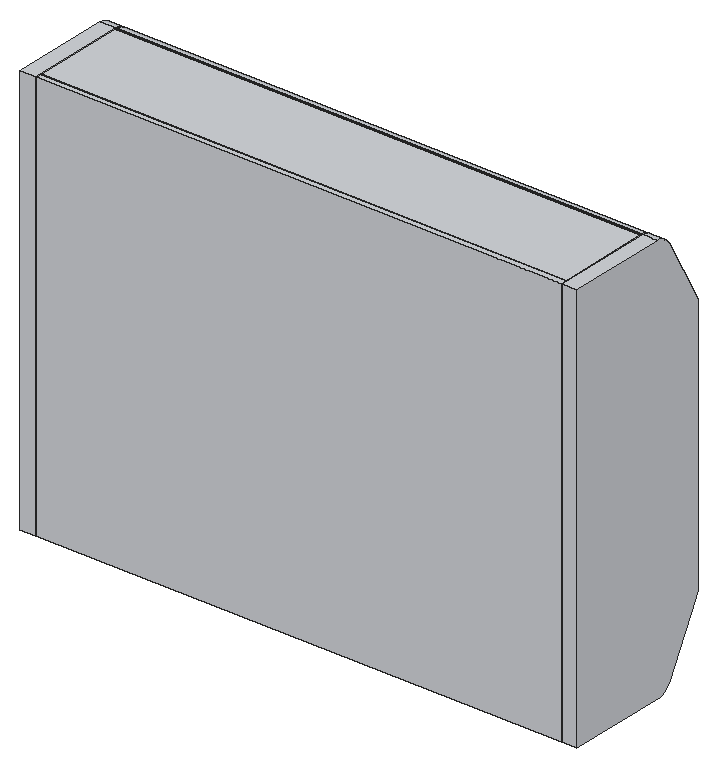
Revit family "Caspian UV 90 Mk1", category Mechanical Equipment, host Wall, Revit 2015 (continued)
Forms (mm)
  Extrusion 228, solid
    sketch origin (151.231, 0.436, 0) x (0, 1, 0) y (0, 0, -1)
      loop
        line (310.877, -552.946) -> (308.696, -551.726) -> (261.439, -636.214) -> (263.621, -637.435) -> (310.877, -552.946)
    from 247.5 to 250
  Extrusion 229, solid
    sketch origin (156.231, 0.436, 0) x (0, 1, 0) y (0, 0, -1)
      loop
        line (310.877, -552.946) -> (308.696, -551.726) -> (261.439, -636.214) -> (263.621, -637.435) -> (310.877, -552.946)
    from 247.5 to 250
  Extrusion 230, solid
    sketch origin (161.231, 0.436, 0) x (0, 1, 0) y (0, 0, -1)
      loop
        line (310.877, -552.946) -> (308.696, -551.726) -> (261.439, -636.214) -> (263.621, -637.435) -> (310.877, -552.946)
    from 247.5 to 250
  Extrusion 231, solid
    sketch origin (166.231, 0.436, 0) x (0, 1, 0) y (0, 0, -1)
      loop
        line (310.877, -552.946) -> (308.696, -551.726) -> (261.439, -636.214) -> (263.621, -637.435) -> (310.877, -552.946)
    from 247.5 to 250
  Extrusion 232, solid
    sketch origin (171.231, 0.436, 0) x (0, 1, 0) y (0, 0, -1)
      loop
        line (310.877, -552.946) -> (308.696, -551.726) -> (261.439, -636.214) -> (263.621, -637.435) -> (310.877, -552.946)
    from 247.5 to 250
  Extrusion 233, solid
    sketch origin (176.231, 0.436, 0) x (0, 1, 0) y (0, 0, -1)
      loop
        line (310.877, -552.946) -> (308.696, -551.726) -> (261.439, -636.214) -> (263.621, -637.435) -> (310.877, -552.946)
    from 247.5 to 250
  Extrusion 234, solid
    sketch origin (181.231, 0.436, 0) x (0, 1, 0) y (0, 0, -1)
      loop
        line (310.877, -552.946) -> (308.696, -551.726) -> (261.439, -636.214) -> (263.621, -637.435) -> (310.877, -552.946)
    from 247.5 to 250
  Extrusion 235, solid
    sketch origin (186.231, 0.436, 0) x (0, 1, 0) y (0, 0, -1)
      loop
        line (310.877, -552.946) -> (308.696, -551.726) -> (261.439, -636.214) -> (263.621, -637.435) -> (310.877, -552.946)
    from 247.5 to 250
  Extrusion 236, solid
    sketch origin (191.231, 0.436, 0) x (0, 1, 0) y (0, 0, -1)
      loop
        line (310.877, -552.946) -> (308.696, -551.726) -> (261.439, -636.214) -> (263.621, -637.435) -> (310.877, -552.946)
    from 247.5 to 250
  Extrusion 237, solid
    sketch origin (196.231, 0.436, 0) x (0, 1, 0) y (0, 0, -1)
      loop
        line (310.877, -552.946) -> (308.696, -551.726) -> (261.439, -636.214) -> (263.621, -637.435) -> (310.877, -552.946)
    from 247.5 to 250
  Extrusion 238, solid
    sketch origin (201.231, 0.436, 0) x (0, 1, 0) y (0, 0, -1)
      loop
        line (310.877, -552.946) -> (308.696, -551.726) -> (261.439, -636.214) -> (263.621, -637.435) -> (310.877, -552.946)
    from 247.5 to 250
  Extrusion 239, solid
    sketch origin (206.231, 0.436, 0) x (0, 1, 0) y (0, 0, -1)
      loop
        line (310.877, -552.946) -> (308.696, -551.726) -> (261.439, -636.214) -> (263.621, -637.435) -> (310.877, -552.946)
    from 247.5 to 250
  Extrusion 240, solid
    sketch origin (211.231, 0.436, 0) x (0, 1, 0) y (0, 0, -1)
      loop
        line (310.877, -552.946) -> (308.696, -551.726) -> (261.439, -636.214) -> (263.621, -637.435) -> (310.877, -552.946)
    from 247.5 to 250
  Extrusion 241, solid
    sketch origin (216.231, 0.436, 0) x (0, 1, 0) y (0, 0, -1)
      loop
        line (310.877, -552.946) -> (308.696, -551.726) -> (261.439, -636.214) -> (263.621, -637.435) -> (310.877, -552.946)
    from 247.5 to 250
  Extrusion 242, solid
    sketch origin (221.231, 0.436, 0) x (0, 1, 0) y (0, 0, -1)
      loop
        line (310.877, -552.946) -> (308.696, -551.726) -> (261.439, -636.214) -> (263.621, -637.435) -> (310.877, -552.946)
    from 247.5 to 250
  Extrusion 243, solid
    sketch origin (226.231, 0.436, 0) x (0, 1, 0) y (0, 0, -1)
      loop
        line (310.877, -552.946) -> (308.696, -551.726) -> (261.439, -636.214) -> (263.621, -637.435) -> (310.877, -552.946)
    from 247.5 to 250
  Extrusion 244, solid
    sketch origin (231.231, 0.436, 0) x (0, 1, 0) y (0, 0, -1)
      loop
        line (310.877, -552.946) -> (308.696, -551.726) -> (261.439, -636.214) -> (263.621, -637.435) -> (310.877, -552.946)
    from 247.5 to 250
  Extrusion 245, solid
    sketch origin (236.231, 0.436, 0) x (0, 1, 0) y (0, 0, -1)
      loop
        line (310.877, -552.946) -> (308.696, -551.726) -> (261.439, -636.214) -> (263.621, -637.435) -> (310.877, -552.946)
    from 247.5 to 250
  Extrusion 246, solid
    sketch origin (241.231, 0.436, 0) x (0, 1, 0) y (0, 0, -1)
      loop
        line (310.877, -552.946) -> (308.696, -551.726) -> (261.439, -636.214) -> (263.621, -637.435) -> (310.877, -552.946)
    from 247.5 to 250
  Extrusion 247, solid
    sketch origin (246.231, 0.436, 0) x (0, 1, 0) y (0, 0, -1)
      loop
        line (310.877, -552.946) -> (308.696, -551.726) -> (261.439, -636.214) -> (263.621, -637.435) -> (310.877, -552.946)
    from 247.5 to 250
  Extrusion 248, solid
    sketch origin (-143.75, 0, 660) x (0, 1, 0) y (0, 0, -1)
      loop
        line (310.877, 552.946) -> (263.621, 637.435) -> (261.439, 636.214) -> (308.696, 551.726) -> (310.877, 552.946)
    from 247.5 to 250
  Extrusion 249, solid
    sketch origin (-138.75, 0, 660) x (0, 1, 0) y (0, 0, -1)
      loop
        line (310.877, 552.946) -> (263.621, 637.435) -> (261.439, 636.214) -> (308.696, 551.726) -> (310.877, 552.946)
    from 247.5 to 250
  Extrusion 250, solid
    sketch origin (-133.75, 0, 660) x (0, 1, 0) y (0, 0, -1)
      loop
        line (310.877, 552.946) -> (263.621, 637.435) -> (261.439, 636.214) -> (308.696, 551.726) -> (310.877, 552.946)
    from 247.5 to 250
  Extrusion 251, solid
    sketch origin (-128.75, 0, 660) x (0, 1, 0) y (0, 0, -1)
      loop
        line (310.877, 552.946) -> (263.621, 637.435) -> (261.439, 636.214) -> (308.696, 551.726) -> (310.877, 552.946)
    from 247.5 to 250
  Extrusion 252, solid
    sketch origin (-123.75, 0, 660) x (0, 1, 0) y (0, 0, -1)
      loop
        line (310.877, 552.946) -> (263.621, 637.435) -> (261.439, 636.214) -> (308.696, 551.726) -> (310.877, 552.946)
    from 247.5 to 250
  Extrusion 253, solid
    sketch origin (-118.75, 0, 660) x (0, 1, 0) y (0, 0, -1)
      loop
        line (310.877, 552.946) -> (263.621, 637.435) -> (261.439, 636.214) -> (308.696, 551.726) -> (310.877, 552.946)
    from 247.5 to 250
  Extrusion 254, solid
    sketch origin (-113.75, 0, 660) x (0, 1, 0) y (0, 0, -1)
      loop
        line (310.877, 552.946) -> (263.621, 637.435) -> (261.439, 636.214) -> (308.696, 551.726) -> (310.877, 552.946)
    from 247.5 to 250
  Extrusion 255, solid
    sketch origin (-108.75, 0, 660) x (0, 1, 0) y (0, 0, -1)
      loop
        line (310.877, 552.946) -> (263.621, 637.435) -> (261.439, 636.214) -> (308.696, 551.726) -> (310.877, 552.946)
    from 247.5 to 250
  Extrusion 256, solid
    sketch origin (-103.75, 0, 660) x (0, 1, 0) y (0, 0, -1)
      loop
        line (310.877, 552.946) -> (263.621, 637.435) -> (261.439, 636.214) -> (308.696, 551.726) -> (310.877, 552.946)
    from 247.5 to 250
  Extrusion 257, solid
    sketch origin (-98.75, 0, 660) x (0, 1, 0) y (0, 0, -1)
      loop
        line (310.877, 552.946) -> (263.621, 637.435) -> (261.439, 636.214) -> (308.696, 551.726) -> (310.877, 552.946)
    from 247.5 to 250
  Extrusion 258, solid
    sketch origin (-93.75, 0, 660) x (0, 1, 0) y (0, 0, -1)
      loop
        line (310.877, 552.946) -> (263.621, 637.435) -> (261.439, 636.214) -> (308.696, 551.726) -> (310.877, 552.946)
    from 247.5 to 250
  Extrusion 259, solid
    sketch origin (-88.75, 0, 660) x (0, 1, 0) y (0, 0, -1)
      loop
        line (310.877, 552.946) -> (263.621, 637.435) -> (261.439, 636.214) -> (308.696, 551.726) -> (310.877, 552.946)
    from 247.5 to 250
  Extrusion 260, solid
    sketch origin (-83.75, 0, 660) x (0, 1, 0) y (0, 0, -1)
      loop
        line (310.877, 552.946) -> (263.621, 637.435) -> (261.439, 636.214) -> (308.696, 551.726) -> (310.877, 552.946)
    from 247.5 to 250
  Extrusion 261, solid
    sketch origin (-78.75, 0, 660) x (0, 1, 0) y (0, 0, -1)
      loop
        line (310.877, 552.946) -> (263.621, 637.435) -> (261.439, 636.214) -> (308.696, 551.726) -> (310.877, 552.946)
    from 247.5 to 250
  Extrusion 262, solid
    sketch origin (-73.75, 0, 660) x (0, 1, 0) y (0, 0, -1)
      loop
        line (310.877, 552.946) -> (263.621, 637.435) -> (261.439, 636.214) -> (308.696, 551.726) -> (310.877, 552.946)
    from 247.5 to 250
  Extrusion 263, solid
    sketch origin (-68.75, 0, 660) x (0, 1, 0) y (0, 0, -1)
      loop
        line (310.877, 552.946) -> (263.621, 637.435) -> (261.439, 636.214) -> (308.696, 551.726) -> (310.877, 552.946)
    from 247.5 to 250
  Extrusion 264, solid
    sketch origin (-63.75, 0, 660) x (0, 1, 0) y (0, 0, -1)
      loop
        line (310.877, 552.946) -> (263.621, 637.435) -> (261.439, 636.214) -> (308.696, 551.726) -> (310.877, 552.946)
    from 247.5 to 250
  Extrusion 265, solid
    sketch origin (-58.75, 0, 660) x (0, 1, 0) y (0, 0, -1)
      loop
        line (310.877, 552.946) -> (263.621, 637.435) -> (261.439, 636.214) -> (308.696, 551.726) -> (310.877, 552.946)
    from 247.5 to 250
  Extrusion 266, solid
    sketch origin (-53.75, 0, 660) x (0, 1, 0) y (0, 0, -1)
      loop
        line (310.877, 552.946) -> (263.621, 637.435) -> (261.439, 636.214) -> (308.696, 551.726) -> (310.877, 552.946)
    from 247.5 to 250
  Extrusion 267, solid
    sketch origin (-48.75, 0, 660) x (0, 1, 0) y (0, 0, -1)
      loop
        line (310.877, 552.946) -> (263.621, 637.435) -> (261.439, 636.214) -> (308.696, 551.726) -> (310.877, 552.946)
    from 247.5 to 250
  Extrusion 268, solid
    sketch origin (-43.75, 0, 660) x (0, 1, 0) y (0, 0, -1)
      loop
        line (310.877, 552.946) -> (263.621, 637.435) -> (261.439, 636.214) -> (308.696, 551.726) -> (310.877, 552.946)
    from 247.5 to 250
  Extrusion 269, solid
    sketch origin (-38.75, 0, 660) x (0, 1, 0) y (0, 0, -1)
      loop
        line (310.877, 552.946) -> (263.621, 637.435) -> (261.439, 636.214) -> (308.696, 551.726) -> (310.877, 552.946)
    from 247.5 to 250
  Extrusion 270, solid
    sketch origin (-33.75, 0, 660) x (0, 1, 0) y (0, 0, -1)
      loop
        line (310.877, 552.946) -> (263.621, 637.435) -> (261.439, 636.214) -> (308.696, 551.726) -> (310.877, 552.946)
    from 247.5 to 250
  Extrusion 271, solid
    sketch origin (-28.75, 0, 660) x (0, 1, 0) y (0, 0, -1)
      loop
        line (310.877, 552.946) -> (263.621, 637.435) -> (261.439, 636.214) -> (308.696, 551.726) -> (310.877, 552.946)
    from 247.5 to 250
  Extrusion 272, solid
    sketch origin (-23.75, 0, 660) x (0, 1, 0) y (0, 0, -1)
      loop
        line (310.877, 552.946) -> (263.621, 637.435) -> (261.439, 636.214) -> (308.696, 551.726) -> (310.877, 552.946)
    from 247.5 to 250
  Extrusion 273, solid
    sketch origin (-18.75, 0, 660) x (0, 1, 0) y (0, 0, -1)
      loop
        line (310.877, 552.946) -> (263.621, 637.435) -> (261.439, 636.214) -> (308.696, 551.726) -> (310.877, 552.946)
    from 247.5 to 250
  Extrusion 274, solid
    sketch origin (-13.75, 0, 660) x (0, 1, 0) y (0, 0, -1)
      loop
        line (310.877, 552.946) -> (263.621, 637.435) -> (261.439, 636.214) -> (308.696, 551.726) -> (310.877, 552.946)
    from 247.5 to 250
  Extrusion 275, solid
    sketch origin (-8.75, 0, 660) x (0, 1, 0) y (0, 0, -1)
      loop
        line (310.877, 552.946) -> (263.621, 637.435) -> (261.439, 636.214) -> (308.696, 551.726) -> (310.877, 552.946)
    from 247.5 to 250
  Extrusion 276, solid
    sketch origin (-3.75, 0, 660) x (0, 1, 0) y (0, 0, -1)
      loop
        line (310.877, 552.946) -> (263.621, 637.435) -> (261.439, 636.214) -> (308.696, 551.726) -> (310.877, 552.946)
    from 247.5 to 250
  Extrusion 277, solid
    sketch origin (1.25, 0, 660) x (0, 1, 0) y (0, 0, -1)
      loop
        line (310.877, 552.946) -> (263.621, 637.435) -> (261.439, 636.214) -> (308.696, 551.726) -> (310.877, 552.946)
    from 247.5 to 250
  Extrusion 278, solid
    sketch origin (6.25, 0, 660) x (0, 1, 0) y (0, 0, -1)
      loop
        line (310.877, 552.946) -> (263.621, 637.435) -> (261.439, 636.214) -> (308.696, 551.726) -> (310.877, 552.946)
    from 247.5 to 250
  Extrusion 279, solid
    sketch origin (11.25, 0, 660) x (0, 1, 0) y (0, 0, -1)
      loop
        line (310.877, 552.946) -> (263.621, 637.435) -> (261.439, 636.214) -> (308.696, 551.726) -> (310.877, 552.946)
    from 247.5 to 250
  Extrusion 280, solid
    sketch origin (16.25, 0, 660) x (0, 1, 0) y (0, 0, -1)
      loop
        line (310.877, 552.946) -> (263.621, 637.435) -> (261.439, 636.214) -> (308.696, 551.726) -> (310.877, 552.946)
    from 247.5 to 250
  Extrusion 281, solid
    sketch origin (21.25, 0, 660) x (0, 1, 0) y (0, 0, -1)
      loop
        line (310.877, 552.946) -> (263.621, 637.435) -> (261.439, 636.214) -> (308.696, 551.726) -> (310.877, 552.946)
    from 247.5 to 250
  Extrusion 282, solid
    sketch origin (26.25, 0, 660) x (0, 1, 0) y (0, 0, -1)
      loop
        line (310.877, 552.946) -> (263.621, 637.435) -> (261.439, 636.214) -> (308.696, 551.726) -> (310.877, 552.946)
    from 247.5 to 250
  Extrusion 283, solid
    sketch origin (31.25, 0, 660) x (0, 1, 0) y (0, 0, -1)
      loop
        line (310.877, 552.946) -> (263.621, 637.435) -> (261.439, 636.214) -> (308.696, 551.726) -> (310.877, 552.946)
    from 247.5 to 250
  Extrusion 284, solid
    sketch origin (36.25, 0, 660) x (0, 1, 0) y (0, 0, -1)
      loop
        line (310.877, 552.946) -> (263.621, 637.435) -> (261.439, 636.214) -> (308.696, 551.726) -> (310.877, 552.946)
    from 247.5 to 250
  Extrusion 285, solid
    sketch origin (41.25, 0, 660) x (0, 1, 0) y (0, 0, -1)
      loop
        line (310.877, 552.946) -> (263.621, 637.435) -> (261.439, 636.214) -> (308.696, 551.726) -> (310.877, 552.946)
    from 247.5 to 250
  Extrusion 286, solid
    sketch origin (46.25, 0, 660) x (0, 1, 0) y (0, 0, -1)
      loop
        line (310.877, 552.946) -> (263.621, 637.435) -> (261.439, 636.214) -> (308.696, 551.726) -> (310.877, 552.946)
    from 247.5 to 250
  Extrusion 287, solid
    sketch origin (51.25, 0, 660) x (0, 1, 0) y (0, 0, -1)
      loop
        line (310.877, 552.946) -> (263.621, 637.435) -> (261.439, 636.214) -> (308.696, 551.726) -> (310.877, 552.946)
    from 247.5 to 250
  Extrusion 288, solid
    sketch origin (56.25, 0, 660) x (0, 1, 0) y (0, 0, -1)
      loop
        line (310.877, 552.946) -> (263.621, 637.435) -> (261.439, 636.214) -> (308.696, 551.726) -> (310.877, 552.946)
    from 247.5 to 250
  Extrusion 289, solid
    sketch origin (61.25, 0, 660) x (0, 1, 0) y (0, 0, -1)
      loop
        line (310.877, 552.946) -> (263.621, 637.435) -> (261.439, 636.214) -> (308.696, 551.726) -> (310.877, 552.946)
    from 247.5 to 250
  Extrusion 290, solid
    sketch origin (66.25, 0, 660) x (0, 1, 0) y (0, 0, -1)
      loop
        line (310.877, 552.946) -> (263.621, 637.435) -> (261.439, 636.214) -> (308.696, 551.726) -> (310.877, 552.946)
    from 247.5 to 250
  Extrusion 291, solid
    sketch origin (71.25, 0, 660) x (0, 1, 0) y (0, 0, -1)
      loop
        line (310.877, 552.946) -> (263.621, 637.435) -> (261.439, 636.214) -> (308.696, 551.726) -> (310.877, 552.946)
    from 247.5 to 250
  Extrusion 292, solid
    sketch origin (76.25, 0, 660) x (0, 1, 0) y (0, 0, -1)
      loop
        line (310.877, 552.946) -> (263.621, 637.435) -> (261.439, 636.214) -> (308.696, 551.726) -> (310.877, 552.946)
    from 247.5 to 250
  Extrusion 293, solid
    sketch origin (81.25, 0, 660) x (0, 1, 0) y (0, 0, -1)
      loop
        line (310.877, 552.946) -> (263.621, 637.435) -> (261.439, 636.214) -> (308.696, 551.726) -> (310.877, 552.946)
    from 247.5 to 250
  Extrusion 294, solid
    sketch origin (86.25, 0, 660) x (0, 1, 0) y (0, 0, -1)
      loop
        line (310.877, 552.946) -> (263.621, 637.435) -> (261.439, 636.214) -> (308.696, 551.726) -> (310.877, 552.946)
    from 247.5 to 250
  Extrusion 295, solid
    sketch origin (91.231, 0.436, 660) x (0, 1, 0) y (0, 0, -1)
      loop
        line (310.877, 552.946) -> (263.621, 637.435) -> (261.439, 636.214) -> (308.696, 551.726) -> (310.877, 552.946)
    from 247.5 to 250
  Extrusion 296, solid
    sketch origin (96.231, 0.436, 660) x (0, 1, 0) y (0, 0, -1)
      loop
        line (310.877, 552.946) -> (263.621, 637.435) -> (261.439, 636.214) -> (308.696, 551.726) -> (310.877, 552.946)
    from 247.5 to 250
  Extrusion 297, solid
    sketch origin (101.231, 0.436, 660) x (0, 1, 0) y (0, 0, -1)
      loop
        line (310.877, 552.946) -> (263.621, 637.435) -> (261.439, 636.214) -> (308.696, 551.726) -> (310.877, 552.946)
    from 247.5 to 250
  Extrusion 298, solid
    sketch origin (106.231, 0.436, 660) x (0, 1, 0) y (0, 0, -1)
      loop
        line (310.877, 552.946) -> (263.621, 637.435) -> (261.439, 636.214) -> (308.696, 551.726) -> (310.877, 552.946)
    from 247.5 to 250
  Extrusion 299, solid
    sketch origin (111.231, 0.436, 660) x (0, 1, 0) y (0, 0, -1)
      loop
        line (310.877, 552.946) -> (263.621, 637.435) -> (261.439, 636.214) -> (308.696, 551.726) -> (310.877, 552.946)
    from 247.5 to 250
  Extrusion 300, solid
    sketch origin (116.231, 0.436, 660) x (0, 1, 0) y (0, 0, -1)
      loop
        line (310.877, 552.946) -> (263.621, 637.435) -> (261.439, 636.214) -> (308.696, 551.726) -> (310.877, 552.946)
    from 247.5 to 250
  Extrusion 301, solid
    sketch origin (121.231, 0.436, 660) x (0, 1, 0) y (0, 0, -1)
      loop
        line (310.877, 552.946) -> (263.621, 637.435) -> (261.439, 636.214) -> (308.696, 551.726) -> (310.877, 552.946)
    from 247.5 to 250
  Extrusion 302, solid
    sketch origin (126.231, 0.436, 660) x (0, 1, 0) y (0, 0, -1)
      loop
        line (310.877, 552.946) -> (263.621, 637.435) -> (261.439, 636.214) -> (308.696, 551.726) -> (310.877, 552.946)
    from 247.5 to 250
  Extrusion 303, solid
    sketch origin (131.231, 0.436, 660) x (0, 1, 0) y (0, 0, -1)
      loop
        line (310.877, 552.946) -> (263.621, 637.435) -> (261.439, 636.214) -> (308.696, 551.726) -> (310.877, 552.946)
    from 247.5 to 250
  Extrusion 304, solid
    sketch origin (136.231, 0.436, 660) x (0, 1, 0) y (0, 0, -1)
      loop
        line (310.877, 552.946) -> (263.621, 637.435) -> (261.439, 636.214) -> (308.696, 551.726) -> (310.877, 552.946)
    from 247.5 to 250
  Extrusion 305, solid
    sketch origin (141.231, 0.436, 660) x (0, 1, 0) y (0, 0, -1)
      loop
        line (310.877, 552.946) -> (263.621, 637.435) -> (261.439, 636.214) -> (308.696, 551.726) -> (310.877, 552.946)
    from 247.5 to 250
  Extrusion 306, solid
    sketch origin (146.231, 0.436, 660) x (0, 1, 0) y (0, 0, -1)
      loop
        line (310.877, 552.946) -> (263.621, 637.435) -> (261.439, 636.214) -> (308.696, 551.726) -> (310.877, 552.946)
    from 247.5 to 250
  Extrusion 307, solid
    sketch origin (151.231, 0.436, 660) x (0, 1, 0) y (0, 0, -1)
      loop
        line (310.877, 552.946) -> (263.621, 637.435) -> (261.439, 636.214) -> (308.696, 551.726) -> (310.877, 552.946)
    from 247.5 to 250
  Extrusion 308, solid
    sketch origin (156.231, 0.436, 660) x (0, 1, 0) y (0, 0, -1)
      loop
        line (310.877, 552.946) -> (263.621, 637.435) -> (261.439, 636.214) -> (308.696, 551.726) -> (310.877, 552.946)
    from 247.5 to 250
  Extrusion 309, solid
    sketch origin (161.231, 0.436, 660) x (0, 1, 0) y (0, 0, -1)
      loop
        line (310.877, 552.946) -> (263.621, 637.435) -> (261.439, 636.214) -> (308.696, 551.726) -> (310.877, 552.946)
    from 247.5 to 250
  Extrusion 310, solid
    sketch origin (166.231, 0.436, 660) x (0, 1, 0) y (0, 0, -1)
      loop
        line (310.877, 552.946) -> (263.621, 637.435) -> (261.439, 636.214) -> (308.696, 551.726) -> (310.877, 552.946)
    from 247.5 to 250
  Extrusion 311, solid
    sketch origin (171.231, 0.436, 660) x (0, 1, 0) y (0, 0, -1)
      loop
        line (310.877, 552.946) -> (263.621, 637.435) -> (261.439, 636.214) -> (308.696, 551.726) -> (310.877, 552.946)
    from 247.5 to 250
  Extrusion 312, solid
    sketch origin (176.231, 0.436, 660) x (0, 1, 0) y (0, 0, -1)
      loop
        line (310.877, 552.946) -> (263.621, 637.435) -> (261.439, 636.214) -> (308.696, 551.726) -> (310.877, 552.946)
    from 247.5 to 250
  Extrusion 313, solid
    sketch origin (181.231, 0.436, 660) x (0, 1, 0) y (0, 0, -1)
      loop
        line (310.877, 552.946) -> (263.621, 637.435) -> (261.439, 636.214) -> (308.696, 551.726) -> (310.877, 552.946)
    from 247.5 to 250
  Extrusion 314, solid
    sketch origin (186.231, 0.436, 660) x (0, 1, 0) y (0, 0, -1)
      loop
        line (310.877, 552.946) -> (263.621, 637.435) -> (261.439, 636.214) -> (308.696, 551.726) -> (310.877, 552.946)
    from 247.5 to 250
  Extrusion 315, solid
    sketch origin (191.231, 0.436, 660) x (0, 1, 0) y (0, 0, -1)
      loop
        line (310.877, 552.946) -> (263.621, 637.435) -> (261.439, 636.214) -> (308.696, 551.726) -> (310.877, 552.946)
    from 247.5 to 250
  Extrusion 316, solid
    sketch origin (196.231, 0.436, 660) x (0, 1, 0) y (0, 0, -1)
      loop
        line (310.877, 552.946) -> (263.621, 637.435) -> (261.439, 636.214) -> (308.696, 551.726) -> (310.877, 552.946)
    from 247.5 to 250
  Extrusion 317, solid
    sketch origin (201.231, 0.436, 660) x (0, 1, 0) y (0, 0, -1)
      loop
        line (310.877, 552.946) -> (263.621, 637.435) -> (261.439, 636.214) -> (308.696, 551.726) -> (310.877, 552.946)
    from 247.5 to 250
  Extrusion 318, solid
    sketch origin (206.231, 0.436, 660) x (0, 1, 0) y (0, 0, -1)
      loop
        line (310.877, 552.946) -> (263.621, 637.435) -> (261.439, 636.214) -> (308.696, 551.726) -> (310.877, 552.946)
    from 247.5 to 250
  Extrusion 319, solid
    sketch origin (211.231, 0.436, 660) x (0, 1, 0) y (0, 0, -1)
      loop
        line (310.877, 552.946) -> (263.621, 637.435) -> (261.439, 636.214) -> (308.696, 551.726) -> (310.877, 552.946)
    from 247.5 to 250
  Extrusion 320, solid
    sketch origin (216.231, 0.436, 660) x (0, 1, 0) y (0, 0, -1)
      loop
        line (310.877, 552.946) -> (263.621, 637.435) -> (261.439, 636.214) -> (308.696, 551.726) -> (310.877, 552.946)
    from 247.5 to 250
  Extrusion 321, solid
    sketch origin (221.231, 0.436, 660) x (0, 1, 0) y (0, 0, -1)
      loop
        line (310.877, 552.946) -> (263.621, 637.435) -> (261.439, 636.214) -> (308.696, 551.726) -> (310.877, 552.946)
    from 247.5 to 250
  Extrusion 322, solid
    sketch origin (226.231, 0.436, 660) x (0, 1, 0) y (0, 0, -1)
      loop
        line (310.877, 552.946) -> (263.621, 637.435) -> (261.439, 636.214) -> (308.696, 551.726) -> (310.877, 552.946)
    from 247.5 to 250
  Extrusion 323, solid
    sketch origin (231.231, 0.436, 660) x (0, 1, 0) y (0, 0, -1)
      loop
        line (310.877, 552.946) -> (263.621, 637.435) -> (261.439, 636.214) -> (308.696, 551.726) -> (310.877, 552.946)
    from 247.5 to 250
  Extrusion 324, solid
    sketch origin (236.231, 0.436, 660) x (0, 1, 0) y (0, 0, -1)
      loop
        line (310.877, 552.946) -> (263.621, 637.435) -> (261.439, 636.214) -> (308.696, 551.726) -> (310.877, 552.946)
    from 247.5 to 250
  Extrusion 325, solid
    sketch origin (241.231, 0.436, 660) x (0, 1, 0) y (0, 0, -1)
      loop
        line (310.877, 552.946) -> (263.621, 637.435) -> (261.439, 636.214) -> (308.696, 551.726) -> (310.877, 552.946)
    from 247.5 to 250
  Extrusion 326, solid
    sketch origin (246.231, 0.436, 660) x (0, 1, 0) y (0, 0, -1)
      loop
        line (310.877, 552.946) -> (263.621, 637.435) -> (261.439, 636.214) -> (308.696, 551.726) -> (310.877, 552.946)
    from 247.5 to 250
Text (mm)
  text "Placement side" at (-1820.995, 1116.779, 0), in view "Ref. Level"
  text "Placement side" at (0, 1334.055, 2976.191), in view "Left"
  text "Placement side" at (0, 439.194, 2944.362), in view "Right"
Dimensions and locks
  locked: plane 3 "Back" to host wall
  aligned and locked: plane 1 "Wall" to host wall
Connectors
  piping at (402.5, 141, 274), diameter 22
    settings: on Extrusion 2, index 5, connector inside diameter 609.6 mm, connector length 0 mm, flow factor 0, pipe flow 0.0 L/s, pressure drop 0.0 Pa, fitting loss kfactor 0, connector angle 0.00°, fixture units 0, engagement length 0 mm, angle of deflection 0.00°, flow configuration 0, flow direction 1, fitting loss method 0, system type 7, joint type 0, gender type 0, connector reference index -1, connector utility 0, adjustable connector no, is connector primary yes, connector description ""
  piping at (402.5, 251, 274), diameter 22
    settings: on Extrusion 3, index 6, connector inside diameter 609.6 mm, connector length 0 mm, flow factor 0, pipe flow 0.0 L/s, pressure drop 0.0 Pa, fitting loss kfactor 0, connector angle 0.00°, fixture units 0, engagement length 0 mm, angle of deflection 0.00°, flow configuration 0, flow direction 1, fitting loss method 0, system type 7, joint type 0, gender type 0, connector reference index -1, connector utility 0, adjustable connector no, is connector primary no, connector description ""
